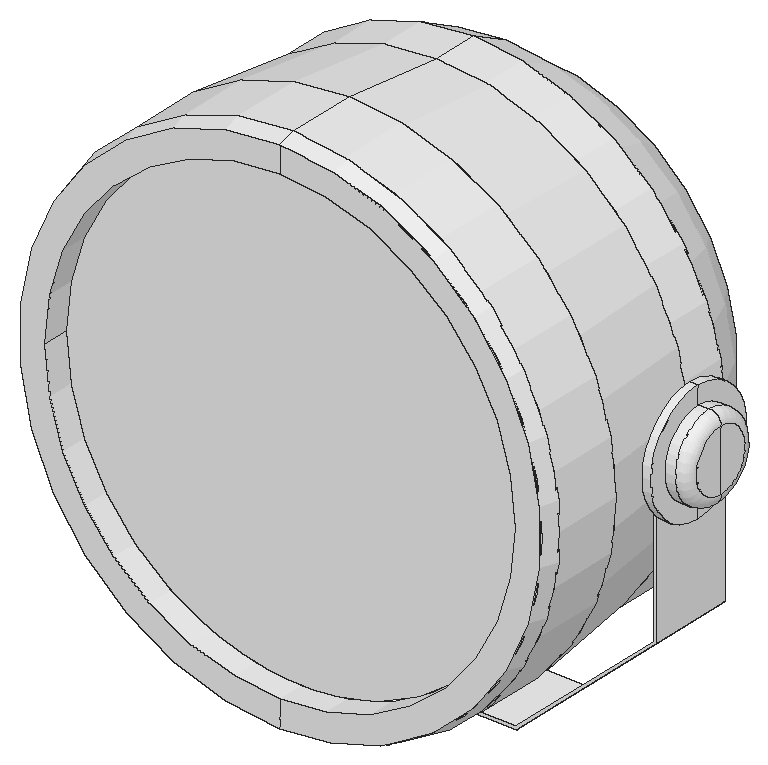
Revit family "Lighting-Accent-Acclaim-Dyna Drum SO White Gen 2", category Lighting Fixtures, host Face, Revit 2016
Family settings
  Host = Face
  Part Type = Normal
  Round Connector Dimension = Use Diameter
  Cut with Voids When Loaded = No
  Light Source = Yes
  Shared = No
  Room Calculation Point = No
Parameters
  Wattage = 9.2903 W
  built-in parameter 1150110 = 1 (stored number, unit not read)
  Voltage = 0 V
  URL = "http://www.acclaimlighting.com/"
  built-in parameter 1114217 = 1 (stored number, unit not read)
  Tilt Angle = -90.00°
  built-in parameter 1150109 = 1 (stored number, unit not read)
  built-in parameter 1150134 = 3
  built-in parameter 1150113 = 1 (stored number, unit not read)
  Power Factor = 1
  Photometric Web File = "Dyna Drum SO 4000K 6Âº.ies"
  Number of Poles = 1
  Model = "Dyna Drum SO White Gen 2"
  Manufacturer = "Acclaim Lighting"
  built-in parameter 1150105 = 109.82 (stored number, unit not read)
  Lumens = 1380 lm
  built-in parameter 1150115 = 1 (stored number, unit not read)
  built-in parameter 1150137 = (empty or 0)
  built-in parameter 1150139 = (empty or 0)
  built-in parameter 1150112 = 1 (stored number, unit not read)
  built-in parameter 1150114 = 1 (stored number, unit not read)
  Lamp = "LED"
  built-in parameter 1150132 = (empty or 0)
  built-in parameter 1150102 = (empty or 0)
  built-in parameter 1150107 = 3200 (stored number, unit not read)
  built-in parameter 1150138 = (empty or 0)
  built-in parameter 1150106 = 1.0982 (stored number, unit not read)
  Housing Finish = Aluminum
  Emit from Circle Diameter = 254 mm
  Emit Shape Visible in Rendering = no
  built-in parameter 1150104 = 13.8 (stored number, unit not read)
  Dimming Lamp Color Temperature Shift = <None>
  Description = "Accent Fixture"
  Default Elevation = 1219.2 mm
  Color Filter = 16777215
  built-in parameter 1114218 = 1 (stored number, unit not read)
  built-in parameter 1150133 = 10 (stored number, unit not read)
  Apparent Load = 0 VA
Reference planes
  plane 1 "Center (Front/Back)": y = 0
  plane 2: z = 0
  plane 3 "Center (Left/Right)": x = 0
  plane 4: x = -169.11
  plane 5: x = 169.11
  plane 6: x = 0
  plane 7: z = 163.83
  plane 8: z = 317.5
  plane 9: y = 106.546
  plane 10: y = -106.546
Forms (mm)
  Revolve 1, solid, material "Aluminum" <- "Housing Finish"
    sketch origin (0, 0, -69.85) x (0, 1, 0) y (0, 0, 1)
      loop
        line (-107.55, 385.056) -> (-107.55, 233.68) -> (105.55, 233.68) -> (105.55, 306.735)
        arc (105.55, 306.735) -> (76.521, 350.932) -> (32.324, 379.961) r 130.341
        line (32.324, 379.961) -> (6.044, 379.961) -> (-56.982, 387.699) -> (-97.687, 387.699) -> (-107.55, 385.056)
      axis (-107.55, 233.68) -> (105.55, 233.68)
    angle from 0 to 360
  Revolve 2, solid, material "Aluminum" <- "Housing Finish"
    sketch origin (10, 0, 0) x (1, 0, 0) y (0, 0, 1)
      loop
        line (159.09, 163.489) -> (159.09, 181.159)
        arc (159.09, 181.159) -> (157.113, 185.93) -> (152.342, 187.907) r 6.748
        line (152.342, 187.907) -> (145.992, 187.907) -> (145.992, 198.11) -> (141.35, 198.11) -> (141.35, 163.489) -> (159.09, 163.489)
      axis (141.35, 163.489) -> (159.09, 163.489)
    angle from 0 to 360
  Extrusion 3, solid, material "Aluminum" <- "Housing Finish"
    sketch origin (0, 0, 0) x (1, 0, 0) y (0, 0, 1)
      loop
        line (-151.292, 170.794) -> (-151.292, 73.068) -> (-70.266, 0) -> (0, 0) -> (70.266, 0) -> (151.292, 73.068) -> (151.292, 170.794) -> (149.705, 170.794) -> (149.705, 73.42) -> (70.049, 1.587) -> (0, 1.587) -> (-70.049, 1.587) -> (-149.705, 73.42) -> (-149.705, 170.794) -> (-151.292, 170.794)
    from -24.794 to 24.289
  Revolve 4, solid, material "Aluminum" <- "Housing Finish"
    sketch origin (-10, 0, 0) x (-1, 0, 0) y (0, 0, 1)
      loop
        line (159.09, 163.489) -> (159.09, 181.159)
        arc (159.09, 181.159) -> (157.113, 185.93) -> (152.342, 187.907) r 6.748
        line (152.342, 187.907) -> (145.992, 187.907) -> (145.992, 198.11) -> (141.35, 198.11) -> (141.35, 163.489) -> (159.09, 163.489)
      axis (141.35, 163.489) -> (159.09, 163.489)
    angle from 0 to 360
  Extrusion 5, void
    sketch origin (0, 0, 0) x (1, 0, 0) y (0, 0, 1)
      loop
        circle (0, 163.83) r 136.281
    from 92.112 to 107.55
Cuts and joins
  Extrusion 5 cuts Revolve 1
Dimensions and locks
  equal spacing: plane 4, plane 3 "Center (Left/Right)", plane 5
  plane 4 to plane 5 = 338.22 mm
  equal spacing: plane 5, plane 3 "Center (Left/Right)", plane 4
  plane 5 to plane 4 = 338.22 mm
  equal spacing: plane 9, plane 1 "Center (Front/Back)", plane 10
  plane 9 to plane 10 = 213.092 mm
  aligned and locked: plane 2 to host face
  aligned and locked: level to host face
  aligned and locked: imposter light to cut or joined group of Revolve 1, Extrusion 5
Automatic sketch dimensions
  host sketch curve to host sketch curve = 2438.4 mm  (x2)
  Revolve 1 sketch curve to plane 7 = 0 mm  (x2)
  Revolve 1 sketch curve to plane 8 = 2.294 mm
  plane 1 "Center (Front/Back)" to Revolve 1 sketch curve = 107.55 mm
  plane 8 to Revolve 1 sketch curve = 0.349 mm
  Revolve 1 sketch curve to Revolve 1 sketch curve = 9.863 mm
  Revolve 1 sketch curve to Revolve 1 sketch curve = 40.704 mm
  plane 1 "Center (Front/Back)" to Revolve 1 sketch curve = 15.644 mm
  Revolve 1 sketch curve to plane 1 "Center (Front/Back)" = 6.044 mm
  Revolve 1 sketch curve to Revolve 1 sketch curve = 26.28 mm
  Revolve 1 sketch curve to plane 1 "Center (Front/Back)" = 105.55 mm
  plane 7 to Revolve 1 sketch curve = 25.087 mm
  Revolve 1 sketch curve to Revolve 1 sketch curve = 73.055 mm
  Revolve 1 sketch curve to Revolve 1 sketch curve = 25 mm
  Revolve 1 sketch curve to Revolve 1 sketch curve = 110.35 mm
  plane 7 to Revolve 2 sketch curve = 34.28 mm
  plane 3 "Center (Left/Right)" to Revolve 2 sketch curve = 151.35 mm
  Revolve 2 sketch curve to Revolve 2 sketch curve = 4.642 mm
  Revolve 2 sketch curve to Revolve 2 sketch curve = 6.35 mm
  Revolve 2 sketch curve to plane 7 = 0.341 mm  (x2)
  Revolve 2 sketch curve to Revolve 2 sketch curve = 17.74 mm
  plane 7 to Revolve 2 sketch curve = 17.329 mm
  Revolve 2 sketch curve to Revolve 2 sketch curve = 0 mm
  Revolve 2 sketch curve to Revolve 2 sketch curve = 29.209 mm
  Revolve 4 sketch curve to plane 7 = 34.28 mm
  plane 3 "Center (Left/Right)" to Revolve 4 sketch curve = 151.35 mm
  Revolve 4 sketch curve to Revolve 4 sketch curve = 4.642 mm
  Revolve 4 sketch curve to Revolve 4 sketch curve = 6.35 mm
  plane 7 to Revolve 4 sketch curve = 0.341 mm  (x2)
  Revolve 4 sketch curve to Revolve 4 sketch curve = 17.74 mm
  Revolve 4 sketch curve to plane 7 = 17.329 mm
  Revolve 4 sketch curve to Revolve 4 sketch curve = 0 mm
  Revolve 4 sketch curve to Revolve 4 sketch curve = 29.209 mm
  Extrusion 3 sketch curve to level = 0 mm
  Extrusion 3 sketch curve to plane 3 "Center (Left/Right)" = 0 mm  (x2)
  level to Extrusion 3 sketch curve = 1.587 mm
  Extrusion 3 sketch curve to Extrusion 3 sketch curve = 70.049 mm
  Extrusion 3 sketch curve to Extrusion 3 sketch curve = 0.217 mm  (x2)
  level to Extrusion 3 sketch curve = 73.42 mm
  Extrusion 3 sketch curve to Extrusion 3 sketch curve = 79.656 mm  (x2)
  Extrusion 3 sketch curve to Extrusion 3 sketch curve = 1.588 mm  (x2)
  plane 3 "Center (Left/Right)" to Extrusion 3 sketch curve = 70.049 mm
  Extrusion 3 sketch curve to Extrusion 3 sketch curve = 0.352 mm  (x2)
  level to Extrusion 3 sketch curve = 73.068 mm
  plane 7 to Extrusion 3 sketch curve = 6.964 mm  (x2)
  Extrusion 5 sketch curve to plane 3 "Center (Left/Right)" = 0 mm
  Extrusion 5 sketch curve to plane 7 = 0 mm
  radius of Extrusion 5 sketch curve = 136.281 mm
Connectors
  electrical at (35.133, 0.253, 0), driven by "Number of Poles", driven by "Voltage", driven by "Apparent Load", driven by "Power Factor"
    settings: on Extrusion 3, index 1, voltage 0 V, apparent load 0 VA, apparent load phase1 0 VA, apparent load phase2 0 VA, apparent load phase3 0 VA, power factor 1, load classification "Other", number of poles 1, system type 31, power factor state 1, is connector primary yes, connector utility no, sub classification motor no, connector description ""
